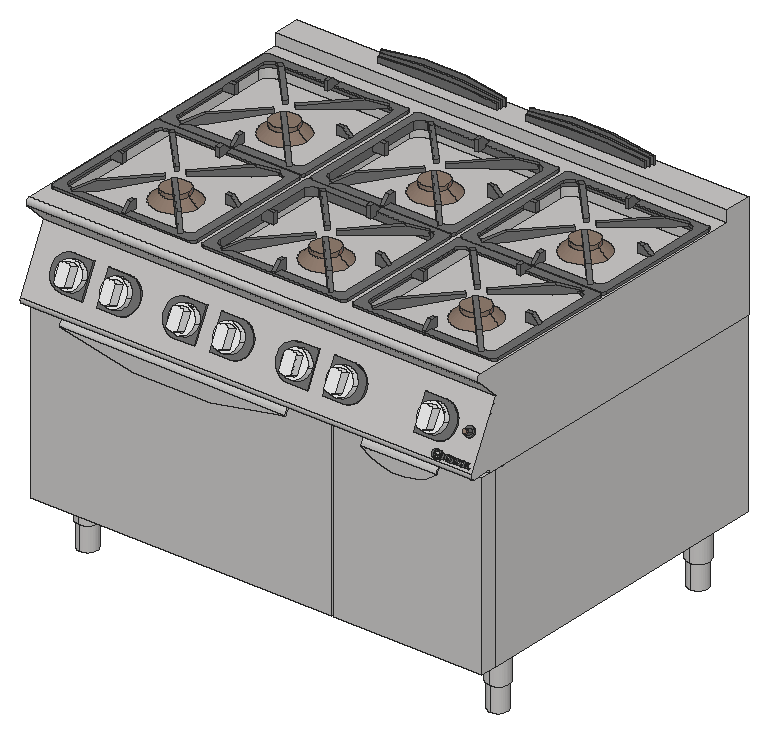
Revit family "QF_GIORIK_CG960E", category Specialty Equipment, Revit 2014 (continued)
Lines and regions (mm)
  symbolic lines, style "200-EquipInternal-2D"
    curve 110: line (750, -812.699, 899.988) -> (450, -812.699, 899.988)
    curve 111: line (418.046, -832.699, 899.988) -> (782.046, -832.699, 899.988)
    curve 112: arc (782.046, -832.699, 899.988) -> (789.117, -829.77, 899.988) -> (792.046, -822.699, 899.988) r 10
    curve 113: arc (418.046, -472.697, 899.988) -> (410.975, -475.626, 899.988) -> (408.046, -482.697, 899.988) r 10
    curve 114: line (408.046, -482.697, 899.988) -> (408.046, -822.699, 899.988)
    curve 115: arc (430, -514.697, 899.988) -> (435.858, -500.555, 899.988) -> (450, -494.697, 899.988) r 20
    curve 116: line (430, -792.699, 899.988) -> (430, -514.697, 899.988)
    curve 117: arc (450, -812.699, 899.988) -> (435.858, -806.841, 899.988) -> (430, -792.699, 899.988) r 20
    curve 118: arc (408.046, -822.699, 899.988) -> (410.975, -829.77, 899.988) -> (418.046, -832.699, 899.988) r 10
    curve 119: line (595, -792.939, 899.988) -> (595, -812.699, 899.988)
    curve 120: line (605, -812.699, 899.988) -> (605, -792.939, 899.988)
    curve 121: line (605, -792.939, 899.988) -> (595, -792.939, 899.988)
    curve 122: line (583.381, -670.19, 899.988) -> (454.455, -812.699, 899.988)
    curve 123: line (467.94, -812.699, 899.988) -> (590.796, -676.899, 899.988)
    curve 124: line (590.796, -676.899, 899.988) -> (583.381, -670.19, 899.988)
    curve 125: line (590.798, -630.491, 899.988) -> (467.946, -494.697, 899.988)
    curve 126: line (454.464, -494.697, 899.988) -> (583.382, -637.199, 899.988)
    curve 127: line (583.382, -637.199, 899.988) -> (590.798, -630.491, 899.988)
    curve 128: line (609.295, -630.492, 899.988) -> (616.711, -637.201, 899.988)
    curve 129: line (616.711, -637.201, 899.988) -> (745.633, -494.697, 899.988)
    curve 130: line (732.148, -494.697, 899.988) -> (609.295, -630.492, 899.988)
    curve 131: line (616.712, -670.189, 899.988) -> (609.296, -676.898, 899.988)
    curve 132: line (609.296, -676.898, 899.988) -> (732.152, -812.699, 899.988)
    curve 133: line (745.637, -812.699, 899.988) -> (616.712, -670.189, 899.988)
    curve 134: line (63.919, -287.698, 899.988) -> (63.919, -277.698, 899.988)
    curve 135: arc (30, -152.695, 899.988) -> (35.858, -138.553, 899.988) -> (50, -132.695, 899.988) r 20
    curve 136: line (808.046, -122.695, 899.988) -> (808.046, -462.697, 899.988)
    curve 137: line (830, -430.697, 899.988) -> (830, -152.695, 899.988)
    curve 138: arc (850, -450.697, 899.988) -> (835.858, -444.839, 899.988) -> (830, -430.697, 899.988) r 20
    curve 139: arc (808.046, -462.697, 899.988) -> (810.975, -469.768, 899.988) -> (818.046, -472.697, 899.988) r 10
    curve 140: line (818.046, -472.697, 899.988) -> (1182.046, -472.697, 899.988)
    curve 141: line (1150, -450.697, 899.988) -> (850, -450.697, 899.988)
    curve 142: arc (1170, -430.697, 899.988) -> (1164.142, -444.839, 899.988) -> (1150, -450.697, 899.988) r 20
    curve 143: arc (1192.046, -482.697, 899.988) -> (1189.117, -475.626, 899.988) -> (1182.046, -472.697, 899.988) r 10
    curve 144: arc (1182.046, -472.697, 899.988) -> (1189.117, -469.768, 899.988) -> (1192.046, -462.697, 899.988) r 10
    curve 145: line (1192.046, -462.697, 899.988) -> (1192.046, -122.695, 899.988)
    curve 146: arc (818.046, -112.695, 899.988) -> (810.975, -115.624, 899.988) -> (808.046, -122.695, 899.988) r 10
    curve 147: arc (830, -152.695, 899.988) -> (835.858, -138.553, 899.988) -> (850, -132.695, 899.988) r 20
    curve 148: line (850, -132.695, 899.988) -> (1150, -132.695, 899.988)
    curve 149: arc (1150, -132.695, 899.988) -> (1164.142, -138.553, 899.988) -> (1170, -152.695, 899.988) r 20
    curve 150: arc (830, -517.708, 899.988) -> (835.858, -503.565, 899.988) -> (850, -497.708, 899.988) r 20
    curve 151: line (830, -792.699, 899.988) -> (830, -517.708, 899.988)
    curve 152: line (850, -497.708, 899.988) -> (1150, -497.708, 899.988)
    curve 153: arc (1150, -497.708, 899.988) -> (1164.142, -503.565, 899.988) -> (1170, -517.708, 899.988) r 20
    curve 154: line (1170, -517.708, 899.988) -> (1170, -792.699, 899.988)
    curve 155: arc (1170, -792.699, 899.988) -> (1164.142, -806.841, 899.988) -> (1150, -812.699, 899.988) r 20
    curve 156: line (1150, -812.699, 899.988) -> (850, -812.699, 899.988)
    curve 157: arc (850, -812.699, 899.988) -> (835.858, -806.841, 899.988) -> (830, -792.699, 899.988) r 20
    curve 158: line (808.046, -482.697, 899.988) -> (808.046, -822.699, 899.988)
    curve 159: arc (808.046, -822.699, 899.988) -> (810.975, -829.77, 899.988) -> (818.046, -832.699, 899.988) r 10
    curve 160: line (818.046, -832.699, 899.988) -> (1182.046, -832.699, 899.988)
    curve 161: arc (818.046, -472.697, 899.988) -> (810.975, -475.626, 899.988) -> (808.046, -482.697, 899.988) r 10
    curve 162: line (1192.046, -822.699, 899.988) -> (1192.046, -482.697, 899.988)
    curve 163: arc (1182.046, -832.699, 899.988) -> (1189.117, -829.77, 899.988) -> (1192.046, -822.699, 899.988) r 10
    curve 164: line (1170, -152.695, 899.988) -> (1170, -430.697, 899.988)
    curve 165: line (830, -287.698, 899.988) -> (863.919, -287.698, 899.988)
    curve 166: line (863.919, -277.698, 899.988) -> (830, -277.698, 899.988)
    curve 167: line (983.382, -308.194, 899.988) -> (854.461, -450.697, 899.988)
    curve 168: line (863.919, -287.698, 899.988) -> (863.919, -277.698, 899.988)
    curve 169: line (854.455, -132.695, 899.988) -> (983.381, -275.203, 899.988)
    curve 170: line (990.796, -268.494, 899.988) -> (867.94, -132.695, 899.988)
    curve 171: line (867.946, -450.697, 899.988) -> (990.798, -314.903, 899.988)
    curve 172: line (1009.296, -268.496, 899.988) -> (1016.712, -275.204, 899.988)
    curve 173: line (990.798, -314.903, 899.988) -> (983.382, -308.194, 899.988)
    curve 174: line (1009.295, -314.901, 899.988) -> (1132.146, -450.697, 899.988)
    curve 175: line (1145.631, -450.697, 899.988) -> (1016.711, -308.192, 899.988)
    curve 176: line (1132.152, -132.695, 899.988) -> (1009.296, -268.496, 899.988)
    curve 177: line (1016.712, -275.204, 899.988) -> (1145.637, -132.695, 899.988)
    curve 178: line (1016.711, -308.192, 899.988) -> (1009.295, -314.901, 899.988)
    curve 179: line (1136.172, -287.698, 899.988) -> (1170, -287.698, 899.988)
    curve 180: line (1170, -277.698, 899.988) -> (1136.172, -277.698, 899.988)
    curve 181: line (995, -152.454, 899.988) -> (1005, -152.454, 899.988)
    curve 182: line (1005, -152.454, 899.988) -> (1005, -132.695, 899.988)
    curve 183: line (995, -132.695, 899.988) -> (995, -152.454, 899.988)
    curve 184: line (1005.046, -512.456, 899.988) -> (1005.046, -497.708, 899.988)
    curve 185: line (995.046, -497.708, 899.988) -> (995.046, -512.456, 899.988)
    curve 186: line (818.046, -472.697, 899.988) -> (1182.046, -472.697, 899.988)
    curve 187: line (1005.046, -432.937, 899.988) -> (995.046, -432.937, 899.988)
    curve 188: line (1005.046, -450.697, 899.988) -> (1005.046, -432.937, 899.988)
    curve 189: line (995.046, -432.937, 899.988) -> (995.046, -450.697, 899.988)
    curve 190: line (995.046, -512.456, 899.988) -> (1005.046, -512.456, 899.988)
    curve 191: line (857.188, -497.708, 899.988) -> (983.382, -637.199, 899.988)
    curve 192: line (990.798, -630.491, 899.988) -> (870.673, -497.708, 899.988)
    curve 193: line (983.382, -637.199, 899.988) -> (990.798, -630.491, 899.988)
    curve 194: line (1009.295, -630.492, 899.988) -> (1016.711, -637.201, 899.988)
    curve 195: line (1129.424, -497.708, 899.988) -> (1009.295, -630.492, 899.988)
    curve 196: line (1016.711, -637.201, 899.988) -> (1142.909, -497.708, 899.988)
    curve 197: line (1009.296, -676.898, 899.988) -> (1132.152, -812.699, 899.988)
    curve 198: line (1145.637, -812.699, 899.988) -> (1016.712, -670.189, 899.988)
    curve 199: line (867.94, -812.699, 899.988) -> (990.796, -676.899, 899.988)
    curve 200: line (983.381, -670.19, 899.988) -> (854.455, -812.699, 899.988)
    curve 201: line (990.796, -676.899, 899.988) -> (983.381, -670.19, 899.988)
    curve 202: line (195.046, -494.697, 899.988) -> (195.046, -512.456, 899.988)
    curve 203: line (195.046, -512.456, 899.988) -> (205.046, -512.456, 899.988)
    curve 204: line (205.046, -432.937, 899.988) -> (195.046, -432.937, 899.988)
    curve 205: line (195.046, -432.937, 899.988) -> (195.046, -450.697, 899.988)
    curve 206: line (205.046, -450.697, 899.988) -> (205.046, -432.937, 899.988)
    curve 207: line (205.046, -494.697, 899.988) -> (205.046, -512.456, 899.988)
    curve 208: line (605.046, -450.697, 899.988) -> (605.046, -432.937, 899.988)
    curve 209: line (595.046, -432.937, 899.988) -> (595.046, -450.697, 899.988)
    curve 210: line (605.046, -432.937, 899.988) -> (595.046, -432.937, 899.988)
    curve 211: line (595.046, -494.697, 899.988) -> (595.046, -512.456, 899.988)
    curve 212: line (605.046, -512.456, 899.988) -> (605.046, -494.697, 899.988)
    curve 213: line (595.046, -512.456, 899.988) -> (605.046, -512.456, 899.988)
    curve 214: line (238, -17.695, 899.988) -> (568, -17.695, 899.988)
    curve 215: line (632, -17.695, 899.988) -> (962, -17.695, 899.988)
    curve 216: line (568, -14.695, 899.988) -> (238, -14.695, 899.988)
    curve 217: line (962, -14.695, 899.988) -> (632, -14.695, 899.988)
    curve 218: line (238, -14.695, 899.988) -> (238, -17.695, 899.988)
    curve 219: line (241, -24.695, 899.988) -> (241, -27.695, 899.988)
    curve 220: line (244, -34.695, 899.988) -> (244, -37.695, 899.988)
    curve 221: line (565, -24.695, 899.988) -> (241, -24.695, 899.988)
    curve 222: line (241, -27.695, 899.988) -> (565, -27.695, 899.988)
    curve 223: line (244, -37.695, 899.988) -> (562, -37.695, 899.988)
    curve 224: line (568, -17.695, 899.988) -> (568, -14.695, 899.988)
    curve 225: line (565, -27.695, 899.988) -> (565, -24.695, 899.988)
    curve 226: line (562, -34.695, 899.988) -> (244, -34.695, 899.988)
    curve 227: line (562, -37.695, 899.988) -> (562, -34.695, 899.988)
    curve 228: line (638, -34.695, 899.988) -> (638, -37.695, 899.988)
    curve 229: line (635, -24.695, 899.988) -> (635, -27.695, 899.988)
    curve 230: line (959, -24.695, 899.988) -> (635, -24.695, 899.988)
    curve 231: line (635, -27.695, 899.988) -> (959, -27.695, 899.988)
    curve 232: line (956, -34.695, 899.988) -> (638, -34.695, 899.988)
    curve 233: line (638, -37.695, 899.988) -> (956, -37.695, 899.988)
    curve 234: line (962, -17.695, 899.988) -> (962, -14.695, 899.988)
    curve 235: line (959, -27.695, 899.988) -> (959, -24.695, 899.988)
    curve 236: line (956, -37.695, 899.988) -> (956, -34.695, 899.988)
    curve 237: line (0, -72.695, 899.988) -> (1200, -72.695, 899.988)
    curve 238: arc (183.76, -260.717, 899.988) -> (200.047, -256.698, 899.988) -> (216.333, -260.718, 899.988) r 35
    curve 239: arc (224.47, -266.629, 899.988) -> (235.046, -291.699, 899.988) -> (224.469, -316.768, 899.988) r 35
    curve 240: arc (216.331, -322.678, 899.988) -> (200.047, -326.698, 899.988) -> (183.763, -322.679, 899.988) r 35
    curve 241: arc (175.624, -316.769, 899.988) -> (165.046, -291.699, 899.988) -> (175.622, -266.628, 899.988) r 35
    curve 242: arc (158.846, -335.316, 899.988) -> (140.046, -291.699, 899.988) -> (158.844, -248.081, 899.988) r 60
    curve 243: arc (166.676, -241.833, 899.988) -> (200.046, -231.698, 899.988) -> (233.417, -241.834, 899.988) r 60
    curve 244: arc (241.249, -248.082, 899.988) -> (260.046, -291.698, 899.988) -> (241.248, -335.314, 899.988) r 60
    curve 245: arc (233.415, -341.562, 899.988) -> (200.047, -351.698, 899.988) -> (166.678, -341.564, 899.988) r 60
    curve 246: line (30, -792.699, 899.988) -> (30, -514.697, 899.988)
    curve 247: line (63.919, -658.699, 899.988) -> (63.919, -648.699, 899.988)
    curve 248: line (30, -658.699, 899.988) -> (63.919, -658.699, 899.988)
    curve 249: line (63.919, -648.699, 899.988) -> (30, -648.699, 899.988)
    curve 250: line (336.172, -658.699, 899.988) -> (370, -658.699, 899.988)
    curve 251: line (336.172, -648.699, 899.988) -> (336.172, -658.699, 899.988)
    curve 252: line (370, -648.699, 899.988) -> (336.172, -648.699, 899.988)
    curve 253: line (430, -658.699, 899.988) -> (463.919, -658.699, 899.988)
    curve 254: line (463.919, -658.699, 899.988) -> (463.919, -648.699, 899.988)
    curve 255: line (463.919, -648.699, 899.988) -> (430, -648.699, 899.988)
    curve 256: line (1005, -792.939, 899.988) -> (995, -792.939, 899.988)
    curve 257: line (1005, -792.939, 899.988) -> (1005, -812.699, 899.988)
    curve 258: line (995, -812.699, 899.988) -> (995, -792.939, 899.988)
    curve 259: line (770, -658.699, 899.988) -> (736.172, -658.699, 899.988)
    curve 260: line (736.172, -658.699, 899.988) -> (736.172, -648.699, 899.988)
    curve 261: line (736.172, -648.699, 899.988) -> (770, -648.699, 899.988)
    curve 262: arc (583.75, -622.7, 899.988) -> (600.036, -618.699, 899.988) -> (616.314, -622.733, 899.988) r 35
    curve 263: arc (624.749, -628.95, 899.988) -> (634.999, -653.908, 899.988) -> (624.45, -678.742, 899.988) r 35
    curve 264: arc (616.32, -684.661, 899.988) -> (600.036, -688.698, 899.988) -> (583.744, -684.694, 899.988) r 35
    curve 265: arc (575.251, -678.447, 899.988) -> (565.001, -653.451, 899.988) -> (575.604, -628.602, 899.988) r 35
    curve 266: arc (558.821, -697.337, 899.988) -> (540, -653.695, 899.988) -> (558.826, -610.056, 899.988) r 60
    curve 267: arc (566.663, -603.812, 899.988) -> (600.035, -593.699, 899.988) -> (633.396, -603.852, 899.988) r 60
    curve 268: arc (641.385, -609.927, 899.988) -> (660.239, -653.696, 899.988) -> (641.389, -697.466, 899.988) r 60.239
    curve 269: arc (633.401, -703.542, 899.988) -> (600.035, -713.699, 899.988) -> (566.657, -703.581, 899.988) r 60
    curve 270: arc (183.764, -622.716, 899.988) -> (200.047, -618.699, 899.988) -> (216.329, -622.717, 899.988) r 35
    curve 271: arc (224.794, -628.95, 899.988) -> (235.045, -653.925, 899.988) -> (224.472, -678.766, 899.988) r 35
    curve 272: arc (216.334, -684.677, 899.988) -> (200.047, -688.699, 899.988) -> (183.759, -684.678, 899.988) r 35
    curve 273: arc (175.297, -678.447, 899.988) -> (165.046, -653.468, 899.988) -> (175.626, -628.625, 899.988) r 35
    curve 274: arc (158.842, -697.314, 899.988) -> (140.046, -653.695, 899.988) -> (158.847, -610.079, 899.988) r 60
    curve 275: arc (166.68, -603.831, 899.988) -> (200.047, -593.699, 899.988) -> (233.414, -603.833, 899.988) r 60
    curve 276: arc (241.246, -610.081, 899.988) -> (260.046, -653.696, 899.988) -> (241.25, -697.313, 899.988) r 60
    curve 277: arc (233.278, -703.407, 899.988) -> (200.046, -713.492, 899.988) -> (166.814, -703.408, 899.988) r 59.794
    curve 278: arc (1192.046, -122.695, 899.988) -> (1189.117, -115.624, 899.988) -> (1182.046, -112.695, 899.988) r 10
    curve 279: line (1182.046, -112.695, 899.988) -> (818.046, -112.695, 899.988)
    curve 280: arc (583.746, -260.701, 899.988) -> (600.036, -256.698, 899.988) -> (616.318, -260.734, 899.988) r 35
    curve 281: arc (624.749, -266.949, 899.988) -> (634.999, -291.909, 899.988) -> (624.447, -316.744, 899.988) r 35
    curve 282: arc (616.316, -322.662, 899.988) -> (600.036, -326.698, 899.988) -> (583.748, -322.696, 899.988) r 35
    curve 283: arc (575.251, -316.446, 899.988) -> (565.001, -291.452, 899.988) -> (575.601, -266.604, 899.988) r 35
    curve 284: arc (566.757, -241.922, 899.988) -> (600.035, -231.842, 899.988) -> (633.301, -241.961, 899.988) r 59.856
    curve 285: arc (641.228, -248.106, 899.988) -> (660, -291.698, 899.988) -> (641.227, -335.291, 899.988) r 60
    curve 286: arc (633.398, -341.543, 899.988) -> (600.035, -351.698, 899.988) -> (566.661, -341.583, 899.988) r 60
    curve 287: arc (558.825, -335.339, 899.988) -> (540, -291.699, 899.988) -> (558.823, -248.058, 899.988) r 60
    curve 288: line (1136.172, -277.698, 899.988) -> (1136.172, -287.698, 899.988)
    curve 289: line (1170, -658.699, 899.988) -> (1136.172, -658.699, 899.988)
    curve 290: line (1136.172, -658.699, 899.988) -> (1136.172, -648.699, 899.988)
    curve 291: line (1136.172, -648.699, 899.988) -> (1170, -648.699, 899.988)
    curve 292: line (830, -648.699, 899.988) -> (863.919, -648.699, 899.988)
    curve 293: line (863.919, -648.699, 899.988) -> (863.919, -658.699, 899.988)
    curve 294: line (863.919, -658.699, 899.988) -> (830, -658.699, 899.988)
    curve 295: arc (983.75, -622.7, 899.988) -> (1000.036, -618.699, 899.988) -> (1016.314, -622.733, 899.988) r 35
    curve 296: arc (966.663, -603.812, 899.988) -> (1000.036, -593.699, 899.988) -> (1033.396, -603.852, 899.988) r 60
    curve 297: arc (1024.749, -628.95, 899.988) -> (1034.999, -653.908, 899.988) -> (1024.45, -678.742, 899.988) r 35
    curve 298: arc (1042.426, -611.272, 899.988) -> (1059.994, -654.534, 899.988) -> (1041.229, -697.289, 899.988) r 60
    curve 299: arc (1016.32, -684.661, 899.988) -> (1000.036, -688.698, 899.988) -> (983.744, -684.694, 899.988) r 35
    curve 300: arc (1033.401, -703.542, 899.988) -> (1000.035, -713.699, 899.988) -> (966.657, -703.581, 899.988) r 60
    curve 301: arc (975.251, -678.447, 899.988) -> (965.001, -653.451, 899.988) -> (975.604, -628.602, 899.988) r 35
    curve 302: arc (957.574, -696.125, 899.988) -> (940.006, -652.825, 899.988) -> (958.826, -610.056, 899.988) r 60
    curve 303: arc (983.746, -260.701, 899.988) -> (1000.036, -256.698, 899.988) -> (1016.318, -260.734, 899.988) r 35
    curve 304: arc (1024.749, -266.949, 899.988) -> (1034.999, -291.909, 899.988) -> (1024.447, -316.744, 899.988) r 35
    curve 305: arc (1016.316, -322.662, 899.988) -> (1000.036, -326.698, 899.988) -> (983.748, -322.696, 899.988) r 35
    curve 306: arc (975.251, -316.446, 899.988) -> (965.001, -291.452, 899.988) -> (975.601, -266.604, 899.988) r 35
    curve 307: arc (966.659, -241.814, 899.988) -> (1000.035, -231.698, 899.988) -> (1033.399, -241.853, 899.988) r 60
    curve 308: arc (1042.426, -249.271, 899.988) -> (1059.994, -292.535, 899.988) -> (1041.226, -335.291, 899.988) r 60
    curve 309: arc (1033.398, -341.543, 899.988) -> (1000.035, -351.698, 899.988) -> (966.661, -341.583, 899.988) r 60
    curve 310: arc (957.574, -334.124, 899.988) -> (940.006, -290.827, 899.988) -> (958.823, -248.058, 899.988) r 60
  symbolic lines, style "QF_Door-Drawer Clearances", visible <- "Show Clearance", detail levels coarse
    curve 311: line (0, -1354.862, 899.988) -> (800, -1354.862, 899.988)
    curve 312: arc (806.518, -920, 899.988) -> (933.375, -1176.344, 899.988) -> (1200, -1279.862, 899.988) r 395
    curve 313: line (1200, -1279.862, 899.988) -> (1200, -920, 899.988)
    curve 314: line (0, -920, 899.988) -> (0, -1354.862, 899.988)
    curve 315: line (800, -1354.862, 899.988) -> (800, -920, 899.988)
  symbolic lines, style "200-EquipBorder-2D"
    curve 316: line (0, -920, 899.988) -> (1200, -920, 899.988)
    curve 317: line (0, -920, 899.988) -> (0, 0, 899.988)
    curve 318: line (0, 0, 899.988) -> (1200, 0, 899.988)
    curve 319: line (1200, 0, 899.988) -> (1200, -920, 899.988)
    curve 320: line (95, -928.443, 899.988) -> (95, -920, 899.988)
    curve 321: line (125, -928.443, 899.988) -> (125, -920, 899.988)
    curve 322: line (245, -928.443, 899.988) -> (245, -920, 899.988)
    curve 323: line (215, -928.443, 899.988) -> (215, -920, 899.988)
    curve 324: line (395, -928.443, 899.988) -> (395, -920, 899.988)
    curve 325: line (425, -928.443, 899.988) -> (425, -920, 899.988)
    curve 326: line (515, -928.443, 899.988) -> (515, -920, 899.988)
    curve 327: line (545, -928.443, 899.988) -> (545, -920, 899.988)
    curve 328: line (695, -928.443, 899.988) -> (695, -920, 899.988)
    curve 329: line (725, -928.443, 899.988) -> (725, -920, 899.988)
    curve 330: line (814.986, -928.443, 899.988) -> (814.986, -920, 899.988)
    curve 331: line (844.986, -928.443, 899.988) -> (844.986, -920, 899.988)
    curve 332: line (1057.223, -928.443, 899.988) -> (1057.223, -920, 899.988)
    curve 333: line (1087.223, -928.443, 899.988) -> (1087.223, -920, 899.988)
    curve 334: arc (1087.223, -928.443, 899.988) -> (1072.223, -930.833, 899.988) -> (1057.223, -928.443, 899.988) r 48.271
    curve 335: arc (844.986, -928.443, 899.988) -> (829.986, -931.041, 899.988) -> (814.986, -928.443, 899.988) r 44.606
    curve 336: arc (725, -928.443, 899.988) -> (710, -931.13, 899.988) -> (695, -928.443, 899.988) r 43.211
    curve 337: arc (545, -928.443, 899.988) -> (530, -930.86, 899.988) -> (515, -928.443, 899.988) r 47.756
    curve 338: arc (425, -928.443, 899.988) -> (410, -931.087, 899.988) -> (395, -928.443, 899.988) r 43.869
    curve 339: arc (215, -928.443, 899.988) -> (230, -930.834, 899.988) -> (245, -928.443, 899.988) r 48.241
    curve 340: arc (125, -928.443, 899.988) -> (110, -930.577, 899.988) -> (95, -928.443, 899.988) r 53.778
Dimensions and locks
  plane 3 "Left" to plane 4 "Right" = 1200 mm
  plane 5 "Front" to plane 1 "Back" = 920 mm
  plane 6 "Top" to level = 899.988 mm
  aligned and locked: level to plane 2
Connectors
  piping at (50, -387.717, 130), diameter 25.4, driven by "Gas Size"
    settings: on Extrusion 5, index 1, connector inside diameter 24", connector length 0 mm, flow factor 0, pipe flow 0.0 L/s, pressure drop 0.0 Pa, fitting loss kfactor 0, connector angle 0.00°, fixture units 0, engagement length 0 mm, angle of deflection 0.00°, flow configuration 1, flow direction 1, fitting loss method 0, system type 22, joint type 0, gender type 0, connector reference index -1, connector utility 0, adjustable connector no, is connector primary yes, connector description "Gas inlet"
  piping at (50, -387.717, 130), diameter 25.4, driven by "Gas Size"
    settings: on Extrusion 29, index 2, connector inside diameter 24", connector length 0 mm, flow factor 0, pipe flow 0.0 L/s, pressure drop 0.0 Pa, fitting loss kfactor 0, connector angle 0.00°, fixture units 0, engagement length 0 mm, angle of deflection 0.00°, flow configuration 1, flow direction 1, fitting loss method 0, system type 22, joint type 0, gender type 0, connector reference index -1, connector utility 0, adjustable connector no, is connector primary no, connector description "Gas Inlet"
  electrical at (755, -697.695, 130), driven by "Apparent Power", driven by "Volts", driven by "Number of Poles"
    settings: on Extrusion 127, index 3, voltage 400 V, apparent load 0 VA, apparent load phase1 6000 VA, apparent load phase2 0 VA, apparent load phase3 0 VA, power factor 1, load classification "Other", number of poles 3, system type 31, power factor state 1, is connector primary yes, connector utility no, sub classification motor no, connector description "Electrical connector"
